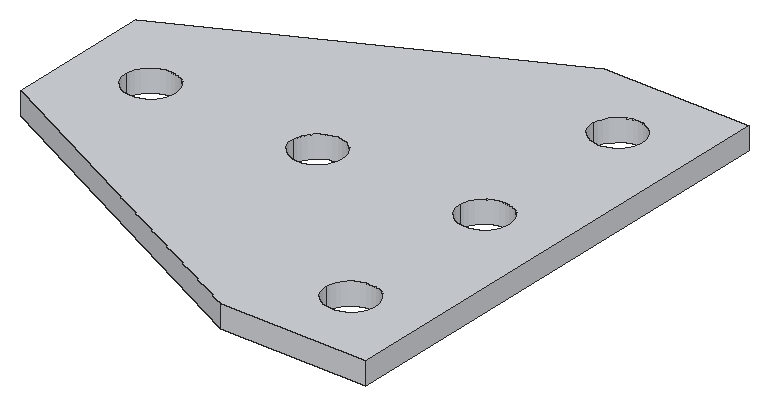
Revit family "Fitting-Flat_Plate-Unistrut-P1726", category Specialty Equipment, Revit 2012
Parameters (values of type "P1726")
  ecoScorecard_data = "http://products.ecoscorecard.com/atkore/P1726"
  ecoScorecard Product Page = "http://products.ecoscorecard.com/atkore/P1726?action=html"
  Weight Per Piece = 1.48 lbf
  Unit = none
  Unistrut Part Number = "P1726"  # constant formula
  URL = "http://unistrut.us/index.php"
  Thickness = 0' - 0 1/4"  # constant formula
  Subcategory = "Flat Plate Fittings"  # constant formula
  Product Page URL = "http://unistrut.us/index.php?WP=cat_detail&S=S05&P=P1726"
  Power Strut Part Number = "PS 854"  # constant formula
  Part Type = "Fitting"  # constant formula
  Overall Width = 0' - 5 3/8"  # constant formula
  Overall Length = 0' - 5 3/8"  # constant formula
  Model = "P1726"  # constant formula
  Material = ""
  Manufacturer Phone - Toll Free = "800-882-5543"  # constant formula
  Manufacturer Phone = "708-339-1610"  # constant formula
  Manufacturer Fax = "708-339-7814"  # constant formula
  Manufacturer Email = "mailto:jshaw@atkore.com"
  Manufacturer Address = "16100 South Lathrop Avenue, Harvey, IL 60426"  # constant formula
  Manufacturer = "Unistrut by Atkore International"  # constant formula
  Load Capacity Note = "Visit the product page for load application and capacity."  # constant formula
  Literature URL = "http://unistrut.us/index.php?WP=LItLibrary"
  Hole Diameter = 0' - 0 9/16"
  Cost Info = "mailto:jshaw@atkore.com"
  CAD URL = "http://unistrut.us/index.php?WP=CAD3d"
  Assembly Code = "D5020100"
  95 CSI = "16070"  # constant formula
  04 CSI = "26 05 48"  # constant formula
Reference planes (in)
  plane 1 "Center (Front/Back)": y = 0
  plane 2: z = 0
  plane 3 "Center (Left/Right)": x = 0
  plane 4: y = 2.6875
  plane 5: y = -2.6875
  plane 6: x = -2.6875
  plane 7: x = 2.6875
  plane 8: z = 0.25
  plane 9: x = 1.875
  plane 10: x = -1.875
  plane 11: y = 1.875
  plane 12: y = -1.875
Dimensions and locks (in)
  equal spacing: plane 6, plane 3 "Center (Left/Right)", plane 7
  "Overall Width": plane 6 to plane 7
  equal spacing: plane 4, plane 1 "Center (Front/Back)", plane 5
  "Overall Length": plane 4 to plane 5
  "Thickness": plane 8 to plane 2
  aligned and locked: level to plane 2
  aligned and locked: plane 1 "Center (Front/Back)" to nested 1
  aligned and locked: plane 3 "Center (Left/Right)" to nested 1
Nested families (in)
  nested 1: "1726" at (0, 0, 0), type "1726"
Definition of nested family "1726"
  Parameters (values of type "P1726")
    Width = 0' - 5 3/8"
    Unit = none
    Thickness = 0' - 0 1/4"
    Radiuis = Diameter / 2  # 0' - 0 9/32"
    Length = 0' - 5 3/8"
    Diameter = 0' - 0 9/16"
  Reference planes (in)
    plane 1 "Center (Front/Back)": y = 0
    plane 2: z = 0
    plane 3 "Center (Left/Right)": x = 0
    plane 4: y = 2.6875
    plane 5: y = -2.6875
    plane 6: x = -2.6875
    plane 7: x = 2.6875
    plane 8: z = 0.25
    plane 9: through (1.0625, 2.6875, 48) normal (0.4472, -0.8944, 0)
    plane 10: through (-2.6875, -0.8125, 48) normal (0.4472, 0.8944, 0)
  Forms (in)
    Extrusion 1, solid, material <- "Unit"
      sketch origin (0, 0, 0) x (1, 0, 0) y (0, 1, 0)
        loop
          line (1.0625, 2.6875) -> (-2.6875, 0.8125) -> (-2.6875, -0.8125) -> (1.0625, -2.6875) -> (2.6875, -2.6875) -> (2.6875, 2.6875) -> (1.0625, 2.6875)
        loop
          circle (0, 0) r 0.28125
        loop
          circle (1.875, 0) r 0.28125
        loop
          circle (-1.875, 0) r 0.28125
        loop
          circle (1.875, 1.875) r 0.28125
        loop
          circle (1.875, -1.875) r 0.28125
      from 0 to 0.25
  Dimensions and locks (in)
    equal spacing: plane 6, plane 3 "Center (Left/Right)", plane 7
    "Width": plane 6 to plane 7
    equal spacing: plane 4, plane 1 "Center (Front/Back)", plane 5
    "Length": plane 4 to plane 5
    "Thickness": plane 8 to plane 2
    locked: Extrusion 1 sketch curve to plane 7 at 0.8125  (x3)
    locked: plane 6 to Extrusion 1 sketch curve at 0.8125
    locked: plane 4 to Extrusion 1 sketch curve at 0.8125
    locked: plane 5 to Extrusion 1 sketch curve at 0.8125
    "Radiuis": radius of Extrusion 1 sketch curve  (x3)
    aligned and locked: level to plane 2
    aligned and locked: Extrusion 1 sketch curve to plane 4
    aligned and locked: Extrusion 1 sketch curve to plane 9
    aligned and locked: plane 7 to Extrusion 1 sketch curve
    aligned and locked: plane 5 to Extrusion 1 sketch curve
    aligned and locked: Extrusion 1 sketch curve to plane 10
    aligned and locked: Extrusion 1 sketch curve to plane 6
    aligned and locked: plane 3 "Center (Left/Right)" to Extrusion 1 sketch curve
    aligned and locked: plane 1 "Center (Front/Back)" to Extrusion 1 sketch curve  (x3)
    aligned and locked: Extrusion 1 to plane 9
    aligned and locked: plane 4 to Extrusion 1
    aligned and locked: Extrusion 1 to plane 7
    aligned and locked: plane 5 to Extrusion 1
    aligned and locked: Extrusion 1 to plane 10
    aligned and locked: Extrusion 1 to plane 6
    aligned and locked: Extrusion 1 to plane 2
    aligned and locked: plane 8 to Extrusion 1
  Automatic sketch dimensions
    radius of Extrusion 1 sketch curve = 0' - 0 9/32"  (x2)
